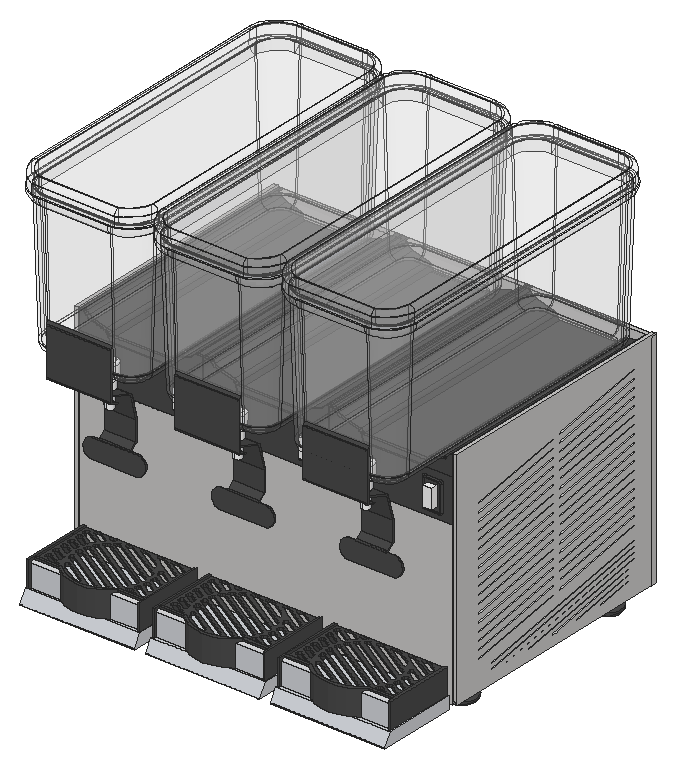
Revit family "QF_Vollrath-VBBD3-37T", category Specialty Equipment, Revit 2018
Family settings
  Round Connector Dimension = Use Diameter
  Part Type = Normal
  Work Plane-Based = No
  Always vertical = Yes
  Cut with Voids When Loaded = Yes
  Shared = No
  Room Calculation Point = No
Parameters (values of type "VBBD3-37-F")
  Weight in Pounds = 75
  Watts = 0 W
  Volts = 115 V
  Undercounter Visibility [instance] = no
  Serial Number [instance] = ""
  Refrigerant Type = "R404a"
  Phase = 1
  Model = "VBBD3-37-F"
  Manufacturer = "Vollrath"
  Keynote = ""
  Item Number [instance] = ""
  Installed By = ""
  Foodservice Equipment Identifier = yes
  HP = "-"
  Furnished By = ""
  FL Amps = 7.2 A
  Electrical Routing [instance] = ""
  Electrical Remarks [instance] = ""
  Electrical Final Connections = ""
  Electric Connection Type = ""
  Elec Conn RI Height = 0"
  Description = "3.17 Gallon Refrigerated Beverage Dispenser"
  Cycle = 60 Hz
  Cost = 0
  Conn Plug = "NEMA 5-15P"
  CSI MasterFormat = ""
  BTUH = 5719.0 Btu/h
  Apparent Power = 0 VA
  Above Counter Visibility [instance] = no
Reference planes (in)
  plane 1 "Unit_Center (F/B)": y = 0
  plane 2: z = 0
  plane 3 "Center of Unit 1 Drip Tray": x = 0
  plane 4 "Right": x = 23.8325
  plane 5 "Left": x = -3.6675
  plane 6 "Rear": y = 10.7576
  plane 7 "Front": y = -7.75
  plane 8 "Top": z = 23.90625
  plane 9 "Base Cabinet Front": y = -3.27362
  plane 10 "Cabinet Base": z = 0.37402
  plane 11 "Top of Cabinet": z = 12.97075
  plane 12 "Top Trim": z = 14.07311
  plane 13 "Clearance Left": x = -9.675
  plane 14 "Clearance Right": x = 17.83125
  plane 15 "Clearance Rear": y = 16.875
  plane 16 "Center of Unit": x = 3.55212
Forms (in)
  Sweep 1, solid, material "QF_Finishes-Clear Plastic"
    path origin (-0.15625, 3.74664, -1.59015) x (1, 0, 0) y (0, 1, 0)
      loop
        line (-2.2551, -11.10622) -> (2.2551, -11.10622)
        arc (2.2551, -11.10622) -> (2.85564, -10.64462) -> (3.17382, -9.95724) r 1.58698
        line (3.17382, -9.95724) -> (3.17382, 5.36453)
        arc (3.17382, 5.36453) -> (2.71278, 6.17327) -> (1.84782, 6.51746) r 1.40778
        line (1.84782, 6.51746) -> (-1.84782, 6.51746)
        arc (-1.84782, 6.51746) -> (-2.71161, 6.17429) -> (-3.17326, 5.36758) r 1.40778
        line (-3.17326, 5.36758) -> (-3.17326, -9.96011)
        arc (-3.17326, -9.96011) -> (-2.85472, -10.64576) -> (-2.2551, -11.10622) r 1.58698
    profile origin (-0.15625, -7.35958, -1.59015) x (0, 1, 0) y (0, 0, 1)
      loop
        line (-0.39475, 22.88102) -> (-0.01824, 22.88102) -> (-0.01824, 23.6765)
        arc (-0.01824, 23.6765) -> (-0.26993, 23.6729) -> (-0.39475, 23.45431) r 0.25381
        line (-0.39475, 23.45431) -> (-0.39475, 22.88102)
  Extrusion 2, solid, material "QF_Finishes-Clear Plastic"
    sketch origin (-0.15625, 3.7403, -2.36291) x (1, 0, 0) y (0, 1, 0)
      loop
        line (-2.15049, -11.11812) -> (2.25892, -11.11812)
        arc (2.25892, -11.11812) -> (2.86473, -10.65608) -> (3.18926, -9.96676) r 1.60522
        line (3.18926, -9.96676) -> (3.18926, 5.42563)
        arc (3.18926, 5.42563) -> (2.86227, 6.21505) -> (2.07284, 6.54204) r 1.11642
        line (2.07284, 6.54204) -> (-2.09748, 6.54204)
        arc (-2.09748, 6.54204) -> (-2.80722, 6.28665) -> (-3.1915, 5.63759) r 1.11388
        line (-3.1915, 5.63759) -> (-3.1915, -9.95554)
        arc (-3.1915, -9.95554) -> (-2.83451, -10.68325) -> (-2.15049, -11.11812) r 1.49663
    from 24.42674 to 24.46291
  Extrusion 3, solid, material "QF_Finishes-Stainless"
    sketch origin (0, 0, 0) x (0, 1, 0) y (0, 0, 1)
      loop
        line (10.7576, 0.80737) -> (10.7576, 13.35433) -> (-3.27362, 13.35433) -> (-3.27362, 0.80737)
        arc (-3.27362, 0.80737) -> (-3.24768, 0.74473) -> (-3.18504, 0.71878) r 0.08858
        line (-3.18504, 0.71878) -> (10.66901, 0.71878)
        arc (10.66901, 0.71878) -> (10.73165, 0.74473) -> (10.7576, 0.80737) r 0.08858
      loop
        line (8.85098, 1.60553) -> (8.83902, 1.67336)
        arc (8.83902, 1.67336) -> (8.80299, 1.6853) -> (8.76503, 1.68493) r 0.11572
        line (8.76503, 1.68493) -> (6.88486, 1.3534)
        arc (6.88486, 1.3534) -> (6.84907, 1.34077) -> (6.81928, 1.31723) r 0.11572
        line (6.81928, 1.31723) -> (6.83124, 1.2494) -> (8.85098, 1.60553)
      loop
        line (8.85098, 1.90536) -> (8.83902, 1.97319)
        arc (8.83902, 1.97319) -> (8.80299, 1.98513) -> (8.76503, 1.98476) r 0.11572
        line (8.76503, 1.98476) -> (5.18444, 1.3534)
        arc (5.18444, 1.3534) -> (5.14864, 1.34077) -> (5.11886, 1.31723) r 0.11572
        line (5.11886, 1.31723) -> (5.13082, 1.2494) -> (8.85098, 1.90536)
      loop
        line (8.85098, 2.20519) -> (8.83902, 2.27302)
        arc (8.83902, 2.27302) -> (8.80299, 2.28496) -> (8.76503, 2.28459) r 0.11572
        line (8.76503, 2.28459) -> (3.48402, 1.3534)
        arc (3.48402, 1.3534) -> (3.44822, 1.34077) -> (3.41843, 1.31723) r 0.11572
        line (3.41843, 1.31723) -> (3.43039, 1.2494) -> (8.85098, 2.20519)
      loop
        line (9.32147, 2.58798) -> (9.30942, 2.65631)
        arc (9.30942, 2.65631) -> (9.27338, 2.66825) -> (9.23542, 2.66788) r 0.11572
        line (9.23542, 2.66788) -> (1.7835, 1.3539)
        arc (1.7835, 1.3539) -> (1.7477, 1.34127) -> (1.71792, 1.31773) r 0.11572
        line (1.71792, 1.31773) -> (1.72997, 1.2494) -> (9.32147, 2.58798)
      loop
        line (9.32147, 2.88782) -> (9.30942, 2.95614)
        arc (9.30942, 2.95614) -> (9.27338, 2.96808) -> (9.23542, 2.96771) r 0.11572
        line (9.23542, 2.96771) -> (0.08308, 1.3539)
        arc (0.08308, 1.3539) -> (0.04728, 1.34127) -> (0.0175, 1.31773) r 0.11572
        line (0.0175, 1.31773) -> (0.02955, 1.2494) -> (9.32147, 2.88782)
      loop
        line (9.32147, 3.18765) -> (9.30942, 3.25598)
        arc (9.30942, 3.25598) -> (9.27338, 3.26791) -> (9.23542, 3.26754) r 0.11572
        line (9.23542, 3.26754) -> (-0.80278, 1.49753)
        arc (-0.80278, 1.49753) -> (-0.83858, 1.4849) -> (-0.86836, 1.46136) r 0.11572
        line (-0.86836, 1.46136) -> (-0.85632, 1.39303) -> (9.32147, 3.18765)
      loop
        line (9.32147, 3.48748) -> (9.30942, 3.55581)
        arc (9.30942, 3.55581) -> (9.27338, 3.56774) -> (9.23542, 3.56737) r 0.11572
        line (9.23542, 3.56737) -> (-0.80278, 1.79736)
        arc (-0.80278, 1.79736) -> (-0.83858, 1.78473) -> (-0.86836, 1.76119) r 0.11572
        line (-0.86836, 1.76119) -> (-0.85632, 1.69286) -> (9.32147, 3.48748)
      loop
        line (9.32185, 4.22424) -> (9.30129, 4.34083)
        arc (9.30129, 4.34083) -> (9.26526, 4.35276) -> (9.22729, 4.35239) r 0.11572
        line (9.22729, 4.35239) -> (4.01542, 3.4334)
        arc (4.01542, 3.4334) -> (3.97963, 3.42076) -> (3.94984, 3.39722) r 0.11572
        line (3.94984, 3.39722) -> (3.9704, 3.28063) -> (9.32185, 4.22424)
      loop
        line (3.58682, 3.213) -> (3.56626, 3.32958)
        arc (3.56626, 3.32958) -> (3.53022, 3.34152) -> (3.49226, 3.34115) r 0.11572
        line (3.49226, 3.34115) -> (-1.71961, 2.42215)
        arc (-1.71961, 2.42215) -> (-1.75541, 2.40952) -> (-1.78519, 2.38598) r 0.11572
        line (-1.78519, 2.38598) -> (-1.76463, 2.26939) -> (3.58682, 3.213)
      loop
        line (9.32185, 4.68766) -> (9.30129, 4.80425)
        arc (9.30129, 4.80425) -> (9.26526, 4.81619) -> (9.22729, 4.81581) r 0.11572
        line (9.22729, 4.81581) -> (4.01542, 3.89682)
        arc (4.01542, 3.89682) -> (3.97963, 3.88419) -> (3.94984, 3.86065) r 0.11572
        line (3.94984, 3.86065) -> (3.9704, 3.74406) -> (9.32185, 4.68766)
      loop
        line (3.58682, 3.67642) -> (3.56626, 3.79301)
        arc (3.56626, 3.79301) -> (3.53022, 3.80494) -> (3.49226, 3.80457) r 0.11572
        line (3.49226, 3.80457) -> (-1.71961, 2.88558)
        arc (-1.71961, 2.88558) -> (-1.75541, 2.87294) -> (-1.78519, 2.8494) r 0.11572
        line (-1.78519, 2.8494) -> (-1.76463, 2.73282) -> (3.58682, 3.67642)
      loop
        line (9.32185, 5.15109) -> (9.30129, 5.26768)
        arc (9.30129, 5.26768) -> (9.26526, 5.27961) -> (9.22729, 5.27924) r 0.11572
        line (9.22729, 5.27924) -> (4.01542, 4.36025)
        arc (4.01542, 4.36025) -> (3.97963, 4.34761) -> (3.94984, 4.32407) r 0.11572
        line (3.94984, 4.32407) -> (3.9704, 4.20748) -> (9.32185, 5.15109)
      loop
        line (3.58682, 4.13985) -> (3.56626, 4.25644)
        arc (3.56626, 4.25644) -> (3.53022, 4.26837) -> (3.49226, 4.268) r 0.11572
        line (3.49226, 4.268) -> (-1.71961, 3.34901)
        arc (-1.71961, 3.34901) -> (-1.75541, 3.33637) -> (-1.78519, 3.31283) r 0.11572
        line (-1.78519, 3.31283) -> (-1.76463, 3.19624) -> (3.58682, 4.13985)
      loop
        line (9.32185, 5.61451) -> (9.30129, 5.7311)
        arc (9.30129, 5.7311) -> (9.26526, 5.74304) -> (9.22729, 5.74267) r 0.11572
        line (9.22729, 5.74267) -> (4.01542, 4.82367)
        arc (4.01542, 4.82367) -> (3.97963, 4.81104) -> (3.94984, 4.7875) r 0.11572
        line (3.94984, 4.7875) -> (3.9704, 4.67091) -> (9.32185, 5.61451)
      loop
        line (3.58682, 4.60327) -> (3.56626, 4.71986)
        arc (3.56626, 4.71986) -> (3.53022, 4.73179) -> (3.49226, 4.73142) r 0.11572
        line (3.49226, 4.73142) -> (-1.71961, 3.81243)
        arc (-1.71961, 3.81243) -> (-1.75541, 3.7998) -> (-1.78519, 3.77626) r 0.11572
        line (-1.78519, 3.77626) -> (-1.76463, 3.65967) -> (3.58682, 4.60327)
      loop
        line (9.32185, 6.07794) -> (9.30129, 6.19453)
        arc (9.30129, 6.19453) -> (9.26526, 6.20646) -> (9.22729, 6.20609) r 0.11572
        line (9.22729, 6.20609) -> (4.01542, 5.2871)
        arc (4.01542, 5.2871) -> (3.97963, 5.27446) -> (3.94984, 5.25092) r 0.11572
        line (3.94984, 5.25092) -> (3.9704, 5.13434) -> (9.32185, 6.07794)
      loop
        line (3.58682, 5.0667) -> (3.56626, 5.18329)
        arc (3.56626, 5.18329) -> (3.53022, 5.19522) -> (3.49226, 5.19485) r 0.11572
        line (3.49226, 5.19485) -> (-1.71961, 4.27586)
        arc (-1.71961, 4.27586) -> (-1.75541, 4.26322) -> (-1.78519, 4.23968) r 0.11572
        line (-1.78519, 4.23968) -> (-1.76463, 4.12309) -> (3.58682, 5.0667)
      loop
        line (9.32185, 6.54137) -> (9.30129, 6.65795)
        arc (9.30129, 6.65795) -> (9.26526, 6.66989) -> (9.22729, 6.66952) r 0.11572
        line (9.22729, 6.66952) -> (4.01542, 5.75052)
        arc (4.01542, 5.75052) -> (3.97963, 5.73789) -> (3.94984, 5.71435) r 0.11572
        line (3.94984, 5.71435) -> (3.9704, 5.59776) -> (9.32185, 6.54137)
      loop
        line (3.58682, 5.53012) -> (3.56626, 5.64671)
        arc (3.56626, 5.64671) -> (3.53022, 5.65864) -> (3.49226, 5.65827) r 0.11572
        line (3.49226, 5.65827) -> (-1.71961, 4.73928)
        arc (-1.71961, 4.73928) -> (-1.75541, 4.72665) -> (-1.78519, 4.70311) r 0.11572
        line (-1.78519, 4.70311) -> (-1.76463, 4.58652) -> (3.58682, 5.53012)
      loop
        line (9.32185, 7.00479) -> (9.30129, 7.12138)
        arc (9.30129, 7.12138) -> (9.26526, 7.13331) -> (9.22729, 7.13294) r 0.11572
        line (9.22729, 7.13294) -> (4.01542, 6.21395)
        arc (4.01542, 6.21395) -> (3.97963, 6.20131) -> (3.94984, 6.17777) r 0.11572
        line (3.94984, 6.17777) -> (3.9704, 6.06119) -> (9.32185, 7.00479)
      loop
        line (3.58682, 5.99355) -> (3.56626, 6.11014)
        arc (3.56626, 6.11014) -> (3.53022, 6.12207) -> (3.49226, 6.1217) r 0.11572
        line (3.49226, 6.1217) -> (-1.71961, 5.20271)
        arc (-1.71961, 5.20271) -> (-1.75541, 5.19007) -> (-1.78519, 5.16653) r 0.11572
        line (-1.78519, 5.16653) -> (-1.76463, 5.04994) -> (3.58682, 5.99355)
      loop
        line (9.32185, 7.46822) -> (9.30129, 7.5848)
        arc (9.30129, 7.5848) -> (9.26526, 7.59674) -> (9.22729, 7.59637) r 0.11572
        line (9.22729, 7.59637) -> (4.01542, 6.67737)
        arc (4.01542, 6.67737) -> (3.97963, 6.66474) -> (3.94984, 6.6412) r 0.11572
        line (3.94984, 6.6412) -> (3.9704, 6.52461) -> (9.32185, 7.46822)
      loop
        line (3.58682, 6.45697) -> (3.56626, 6.57356)
        arc (3.56626, 6.57356) -> (3.53022, 6.5855) -> (3.49226, 6.58512) r 0.11572
        line (3.49226, 6.58512) -> (-1.71961, 5.66613)
        arc (-1.71961, 5.66613) -> (-1.75541, 5.6535) -> (-1.78519, 5.62996) r 0.11572
        line (-1.78519, 5.62996) -> (-1.76463, 5.51337) -> (3.58682, 6.45697)
      loop
        line (9.32185, 7.93164) -> (9.30129, 8.04823)
        arc (9.30129, 8.04823) -> (9.26526, 8.06016) -> (9.22729, 8.05979) r 0.11572
        line (9.22729, 8.05979) -> (4.01542, 7.1408)
        arc (4.01542, 7.1408) -> (3.97963, 7.12816) -> (3.94984, 7.10462) r 0.11572
        line (3.94984, 7.10462) -> (3.9704, 6.98804) -> (9.32185, 7.93164)
      loop
        line (3.58682, 6.9204) -> (3.56626, 7.03699)
        arc (3.56626, 7.03699) -> (3.53022, 7.04892) -> (3.49226, 7.04855) r 0.11572
        line (3.49226, 7.04855) -> (-1.71961, 6.12956)
        arc (-1.71961, 6.12956) -> (-1.75541, 6.11692) -> (-1.78519, 6.09338) r 0.11572
        line (-1.78519, 6.09338) -> (-1.76463, 5.97679) -> (3.58682, 6.9204)
      loop
        line (9.32185, 8.39507) -> (9.30129, 8.51165)
        arc (9.30129, 8.51165) -> (9.26526, 8.52359) -> (9.22729, 8.52322) r 0.11572
        line (9.22729, 8.52322) -> (4.01542, 7.60422)
        arc (4.01542, 7.60422) -> (3.97963, 7.59159) -> (3.94984, 7.56805) r 0.11572
        line (3.94984, 7.56805) -> (3.9704, 7.45146) -> (9.32185, 8.39507)
      loop
        line (3.58682, 7.38382) -> (3.56626, 7.50041)
        arc (3.56626, 7.50041) -> (3.53022, 7.51235) -> (3.49226, 7.51198) r 0.11572
        line (3.49226, 7.51198) -> (-1.71961, 6.59298)
        arc (-1.71961, 6.59298) -> (-1.75541, 6.58035) -> (-1.78519, 6.55681) r 0.11572
        line (-1.78519, 6.55681) -> (-1.76463, 6.44022) -> (3.58682, 7.38382)
      loop
        line (9.32185, 8.85849) -> (9.30129, 8.97508)
        arc (9.30129, 8.97508) -> (9.26526, 8.98701) -> (9.22729, 8.98664) r 0.11572
        line (9.22729, 8.98664) -> (4.01542, 8.06765)
        arc (4.01542, 8.06765) -> (3.97963, 8.05501) -> (3.94984, 8.03147) r 0.11572
        line (3.94984, 8.03147) -> (3.9704, 7.91489) -> (9.32185, 8.85849)
      loop
        line (3.58682, 7.84725) -> (3.56626, 7.96384)
        arc (3.56626, 7.96384) -> (3.53022, 7.97577) -> (3.49226, 7.9754) r 0.11572
        line (3.49226, 7.9754) -> (-1.71961, 7.05641)
        arc (-1.71961, 7.05641) -> (-1.75541, 7.04377) -> (-1.78519, 7.02023) r 0.11572
        line (-1.78519, 7.02023) -> (-1.76463, 6.90364) -> (3.58682, 7.84725)
      loop
        line (9.32185, 9.32192) -> (9.30129, 9.4385)
        arc (9.30129, 9.4385) -> (9.26526, 9.45044) -> (9.22729, 9.45007) r 0.11572
        line (9.22729, 9.45007) -> (4.01542, 8.53107)
        arc (4.01542, 8.53107) -> (3.97963, 8.51844) -> (3.94984, 8.4949) r 0.11572
        line (3.94984, 8.4949) -> (3.9704, 8.37831) -> (9.32185, 9.32192)
      loop
        line (3.58682, 8.31068) -> (3.56626, 8.42726)
        arc (3.56626, 8.42726) -> (3.53022, 8.4392) -> (3.49226, 8.43883) r 0.11572
        line (3.49226, 8.43883) -> (-1.71961, 7.51983)
        arc (-1.71961, 7.51983) -> (-1.75541, 7.5072) -> (-1.78519, 7.48366) r 0.11572
        line (-1.78519, 7.48366) -> (-1.76463, 7.36707) -> (3.58682, 8.31068)
      loop
        line (9.32185, 9.78534) -> (9.30129, 9.90193)
        arc (9.30129, 9.90193) -> (9.26526, 9.91386) -> (9.22729, 9.91349) r 0.11572
        line (9.22729, 9.91349) -> (4.01542, 8.9945)
        arc (4.01542, 8.9945) -> (3.97963, 8.98186) -> (3.94984, 8.95832) r 0.11572
        line (3.94984, 8.95832) -> (3.9704, 8.84174) -> (9.32185, 9.78534)
      loop
        line (3.58682, 8.7741) -> (3.56626, 8.89069)
        arc (3.56626, 8.89069) -> (3.53022, 8.90262) -> (3.49226, 8.90225) r 0.11572
        line (3.49226, 8.90225) -> (-1.71961, 7.98326)
        arc (-1.71961, 7.98326) -> (-1.75541, 7.97062) -> (-1.78519, 7.94708) r 0.11572
        line (-1.78519, 7.94708) -> (-1.76463, 7.8305) -> (3.58682, 8.7741)
      loop
        line (9.32185, 10.24877) -> (9.30129, 10.36535)
        arc (9.30129, 10.36535) -> (9.26526, 10.37729) -> (9.22729, 10.37692) r 0.11572
        line (9.22729, 10.37692) -> (4.01542, 9.45792)
        arc (4.01542, 9.45792) -> (3.97963, 9.44529) -> (3.94984, 9.42175) r 0.11572
        line (3.94984, 9.42175) -> (3.9704, 9.30516) -> (9.32185, 10.24877)
      loop
        line (3.58682, 9.23753) -> (3.56626, 9.35411)
        arc (3.56626, 9.35411) -> (3.53022, 9.36605) -> (3.49226, 9.36568) r 0.11572
        line (3.49226, 9.36568) -> (-1.71961, 8.44668)
        arc (-1.71961, 8.44668) -> (-1.75541, 8.43405) -> (-1.78519, 8.41051) r 0.11572
        line (-1.78519, 8.41051) -> (-1.76463, 8.29392) -> (3.58682, 9.23753)
      loop
        line (9.32185, 10.71219) -> (9.30129, 10.82878)
        arc (9.30129, 10.82878) -> (9.26526, 10.84071) -> (9.22729, 10.84034) r 0.11572
        line (9.22729, 10.84034) -> (4.01542, 9.92135)
        arc (4.01542, 9.92135) -> (3.97963, 9.90871) -> (3.94984, 9.88517) r 0.11572
        line (3.94984, 9.88517) -> (3.9704, 9.76859) -> (9.32185, 10.71219)
      loop
        line (3.58682, 9.70095) -> (3.56626, 9.81754)
        arc (3.56626, 9.81754) -> (3.53022, 9.82947) -> (3.49226, 9.8291) r 0.11572
        line (3.49226, 9.8291) -> (-1.71961, 8.91011)
        arc (-1.71961, 8.91011) -> (-1.75541, 8.89747) -> (-1.78519, 8.87393) r 0.11572
        line (-1.78519, 8.87393) -> (-1.76463, 8.75735) -> (3.58682, 9.70095)
      loop
        line (9.32185, 11.17562) -> (9.30129, 11.2922)
        arc (9.30129, 11.2922) -> (9.26526, 11.30414) -> (9.22729, 11.30377) r 0.11572
        line (9.22729, 11.30377) -> (4.01542, 10.38477)
        arc (4.01542, 10.38477) -> (3.97963, 10.37214) -> (3.94984, 10.3486) r 0.11572
        line (3.94984, 10.3486) -> (3.9704, 10.23201) -> (9.32185, 11.17562)
      loop
        line (3.58682, 10.16438) -> (3.56626, 10.28096)
        arc (3.56626, 10.28096) -> (3.53022, 10.2929) -> (3.49226, 10.29253) r 0.11572
        line (3.49226, 10.29253) -> (-1.71961, 9.37353)
        arc (-1.71961, 9.37353) -> (-1.75541, 9.3609) -> (-1.78519, 9.33736) r 0.11572
        line (-1.78519, 9.33736) -> (-1.76463, 9.22077) -> (3.58682, 10.16438)
      loop
        line (9.32185, 11.63904) -> (9.30129, 11.75563)
        arc (9.30129, 11.75563) -> (9.26526, 11.76756) -> (9.22729, 11.76719) r 0.11572
        line (9.22729, 11.76719) -> (4.01542, 10.8482)
        arc (4.01542, 10.8482) -> (3.97963, 10.83556) -> (3.94984, 10.81202) r 0.11572
        line (3.94984, 10.81202) -> (3.9704, 10.69544) -> (9.32185, 11.63904)
      loop
        line (3.58682, 10.6278) -> (3.56626, 10.74439)
        arc (3.56626, 10.74439) -> (3.53022, 10.75632) -> (3.49226, 10.75595) r 0.11572
        line (3.49226, 10.75595) -> (-1.71961, 9.83696)
        arc (-1.71961, 9.83696) -> (-1.75541, 9.82432) -> (-1.78519, 9.80078) r 0.11572
        line (-1.78519, 9.80078) -> (-1.76463, 9.6842) -> (3.58682, 10.6278)
      loop
        line (9.32185, 12.10307) -> (9.30129, 12.21966)
        arc (9.30129, 12.21966) -> (9.26526, 12.23159) -> (9.22729, 12.23122) r 0.11572
        line (9.22729, 12.23122) -> (4.01542, 11.31223)
        arc (4.01542, 11.31223) -> (3.97963, 11.29959) -> (3.94984, 11.27605) r 0.11572
        line (3.94984, 11.27605) -> (3.9704, 11.15947) -> (9.32185, 12.10307)
      loop
        line (3.58682, 11.09183) -> (3.56626, 11.20842)
        arc (3.56626, 11.20842) -> (3.53022, 11.22035) -> (3.49226, 11.21998) r 0.11572
        line (3.49226, 11.21998) -> (-1.71961, 10.30099)
        arc (-1.71961, 10.30099) -> (-1.75541, 10.28835) -> (-1.78519, 10.26481) r 0.11572
        line (-1.78519, 10.26481) -> (-1.76463, 10.14822) -> (3.58682, 11.09183)
    from -3.6675 to -3.46457
  Extrusion 4, solid, material "QF_Finishes-Black Plastic"
    sketch origin (0, 0, 0) x (1, 0, 0) y (0, 0, 1)
      loop
        line (-3.55, 9.73814) -> (3.55, 9.73814) -> (3.55, 13.26725) -> (3.22835, 13.26725)
        arc (3.22835, 13.26725) -> (3.13884, 13.24576) -> (3.06885, 13.18598) r 0.19715
        arc (3.06885, 13.18598) -> (3.03916, 13.13968) -> (3.00315, 13.0981) r 0.3838
        arc (3.00315, 13.0981) -> (2.87095, 12.99666) -> (2.717, 12.93289) r 0.63833
        line (2.717, 12.93289) -> (1.86181, 12.70374)
        arc (1.86181, 12.70374) -> (1.74573, 12.63647) -> (1.67922, 12.51995) r 0.2576
        line (1.67922, 12.51995) -> (-1.67922, 12.51995)
        arc (-1.67922, 12.51995) -> (-1.74573, 12.63647) -> (-1.86181, 12.70374) r 0.2576
        line (-1.86181, 12.70374) -> (-2.717, 12.93289)
        arc (-2.717, 12.93289) -> (-2.87095, 12.99666) -> (-3.00315, 13.0981) r 0.63833
        arc (-3.00315, 13.0981) -> (-3.03916, 13.13968) -> (-3.06885, 13.18598) r 0.3838
        arc (-3.06885, 13.18598) -> (-3.13884, 13.24576) -> (-3.22835, 13.26725) r 0.19715
        line (-3.22835, 13.26725) -> (-3.55, 13.26725) -> (-3.55, 9.73814)
    from 3.12402 to 3.27362
  Extrusion 5, solid, material "QF_Finishes-Stainless"
    sketch origin (0, 0, 0) x (1, 0, 0) y (0, 0, 1)
      loop
        line (-3.46457, 0.68898) -> (17.62832, 0.68898) -> (17.62832, 9.73814) -> (-3.46457, 9.73814) -> (-3.46457, 0.68898)
    from 3.12402 to 3.27362
  Extrusion 6, solid, material "QF_Finishes-Stainless"
    sketch origin (0, 0, 0) x (1, 0, 0) y (0, 0, 1)
      loop
        line (-3.6675, 0.71878) -> (17.83125, 0.71878) -> (17.83125, 13.26725) -> (-3.6675, 13.26725) -> (-3.6675, 0.71878)
      loop
        line (2.75362, 2.08631) -> (2.75362, 2.13404) -> (2.63501, 2.23715)
        arc (2.63501, 2.23715) -> (2.60199, 2.25254) -> (2.56595, 2.25782) r 0.12567
        line (2.56595, 2.25782) -> (-2.37374, 2.25782)
        arc (-2.37374, 2.25782) -> (-2.40979, 2.25254) -> (-2.44281, 2.23715) r 0.12567
        line (-2.44281, 2.23715) -> (-2.56142, 2.13404) -> (-2.56142, 2.08631) -> (2.75362, 2.08631)
      loop
        line (2.75362, 2.46032) -> (2.75362, 2.50806) -> (2.63501, 2.61116)
        arc (2.63501, 2.61116) -> (2.60199, 2.62656) -> (2.56595, 2.63184) r 0.12567
        line (2.56595, 2.63184) -> (-2.37374, 2.63184)
        arc (-2.37374, 2.63184) -> (-2.40979, 2.62656) -> (-2.44281, 2.61116) r 0.12567
        line (-2.44281, 2.61116) -> (-2.56142, 2.50806) -> (-2.56142, 2.46032) -> (2.75362, 2.46032)
      loop
        line (2.75362, 2.83434) -> (2.75362, 2.88207) -> (2.63501, 2.98518)
        arc (2.63501, 2.98518) -> (2.60199, 3.00058) -> (2.56595, 3.00586) r 0.12567
        line (2.56595, 3.00586) -> (-2.37374, 3.00586)
        arc (-2.37374, 3.00586) -> (-2.40979, 3.00058) -> (-2.44281, 2.98518) r 0.12567
        line (-2.44281, 2.98518) -> (-2.56142, 2.88207) -> (-2.56142, 2.83434) -> (2.75362, 2.83434)
      loop
        line (2.75362, 3.20835) -> (2.75362, 3.25609) -> (2.63501, 3.35919)
        arc (2.63501, 3.35919) -> (2.60199, 3.37459) -> (2.56595, 3.37987) r 0.12567
        line (2.56595, 3.37987) -> (-2.37374, 3.37987)
        arc (-2.37374, 3.37987) -> (-2.40979, 3.37459) -> (-2.44281, 3.35919) r 0.12567
        line (-2.44281, 3.35919) -> (-2.56142, 3.25609) -> (-2.56142, 3.20835) -> (2.75362, 3.20835)
      loop
        line (2.75362, 3.58237) -> (2.75362, 3.6301) -> (2.63501, 3.73321)
        arc (2.63501, 3.73321) -> (2.60199, 3.74861) -> (2.56595, 3.75389) r 0.12567
        line (2.56595, 3.75389) -> (-2.37374, 3.75389)
        arc (-2.37374, 3.75389) -> (-2.40979, 3.74861) -> (-2.44281, 3.73321) r 0.12567
        line (-2.44281, 3.73321) -> (-2.56142, 3.6301) -> (-2.56142, 3.58237) -> (2.75362, 3.58237)
      loop
        line (2.75362, 3.95639) -> (2.75362, 4.00412) -> (2.63501, 4.10722)
        arc (2.63501, 4.10722) -> (2.60199, 4.12262) -> (2.56595, 4.1279) r 0.12567
        line (2.56595, 4.1279) -> (-2.37374, 4.1279)
        arc (-2.37374, 4.1279) -> (-2.40979, 4.12262) -> (-2.44281, 4.10722) r 0.12567
        line (-2.44281, 4.10722) -> (-2.56142, 4.00412) -> (-2.56142, 3.95639) -> (2.75362, 3.95639)
      loop
        line (2.75362, 4.3304) -> (2.75362, 4.37813) -> (2.63501, 4.48124)
        arc (2.63501, 4.48124) -> (2.60199, 4.49664) -> (2.56595, 4.50192) r 0.12567
        line (2.56595, 4.50192) -> (-2.37374, 4.50192)
        arc (-2.37374, 4.50192) -> (-2.40979, 4.49664) -> (-2.44281, 4.48124) r 0.12567
        line (-2.44281, 4.48124) -> (-2.56142, 4.37813) -> (-2.56142, 4.3304) -> (2.75362, 4.3304)
      loop
        line (2.75362, 4.70442) -> (2.75362, 4.75215) -> (2.63501, 4.85526)
        arc (2.63501, 4.85526) -> (2.60199, 4.87065) -> (2.56595, 4.87594) r 0.12567
        line (2.56595, 4.87594) -> (-2.37374, 4.87594)
        arc (-2.37374, 4.87594) -> (-2.40979, 4.87065) -> (-2.44281, 4.85526) r 0.12567
        line (-2.44281, 4.85526) -> (-2.56142, 4.75215) -> (-2.56142, 4.70442) -> (2.75362, 4.70442)
      loop
        line (2.75362, 5.07843) -> (2.75362, 5.12617) -> (2.63501, 5.22927)
        arc (2.63501, 5.22927) -> (2.60199, 5.24467) -> (2.56595, 5.24995) r 0.12567
        line (2.56595, 5.24995) -> (-2.37374, 5.24995)
        arc (-2.37374, 5.24995) -> (-2.40979, 5.24467) -> (-2.44281, 5.22927) r 0.12567
        line (-2.44281, 5.22927) -> (-2.56142, 5.12617) -> (-2.56142, 5.07843) -> (2.75362, 5.07843)
      loop
        line (2.75362, 5.45245) -> (2.75362, 5.50018) -> (2.63501, 5.60329)
        arc (2.63501, 5.60329) -> (2.60199, 5.61869) -> (2.56595, 5.62397) r 0.12567
        line (2.56595, 5.62397) -> (-2.37374, 5.62397)
        arc (-2.37374, 5.62397) -> (-2.40979, 5.61869) -> (-2.44281, 5.60329) r 0.12567
        line (-2.44281, 5.60329) -> (-2.56142, 5.50018) -> (-2.56142, 5.45245) -> (2.75362, 5.45245)
      loop
        line (2.75362, 5.82646) -> (2.75362, 5.8742) -> (2.63501, 5.9773)
        arc (2.63501, 5.9773) -> (2.60199, 5.9927) -> (2.56595, 5.99798) r 0.12567
        line (2.56595, 5.99798) -> (-2.37374, 5.99798)
        arc (-2.37374, 5.99798) -> (-2.40979, 5.9927) -> (-2.44281, 5.9773) r 0.12567
        line (-2.44281, 5.9773) -> (-2.56142, 5.8742) -> (-2.56142, 5.82646) -> (2.75362, 5.82646)
      loop
        line (2.75362, 6.20048) -> (2.75362, 6.24821) -> (2.63501, 6.35132)
        arc (2.63501, 6.35132) -> (2.60199, 6.36672) -> (2.56595, 6.372) r 0.12567
        line (2.56595, 6.372) -> (-2.37374, 6.372)
        arc (-2.37374, 6.372) -> (-2.40979, 6.36672) -> (-2.44281, 6.35132) r 0.12567
        line (-2.44281, 6.35132) -> (-2.56142, 6.24821) -> (-2.56142, 6.20048) -> (2.75362, 6.20048)
      loop
        line (2.75362, 6.5745) -> (2.75362, 6.62223) -> (2.63501, 6.72534)
        arc (2.63501, 6.72534) -> (2.60199, 6.74073) -> (2.56595, 6.74601) r 0.12567
        line (2.56595, 6.74601) -> (-2.37374, 6.74601)
        arc (-2.37374, 6.74601) -> (-2.40979, 6.74073) -> (-2.44281, 6.72534) r 0.12567
        line (-2.44281, 6.72534) -> (-2.56142, 6.62223) -> (-2.56142, 6.5745) -> (2.75362, 6.5745)
      loop
        line (2.75362, 6.94851) -> (2.75362, 6.99625) -> (2.63501, 7.09935)
        arc (2.63501, 7.09935) -> (2.60199, 7.11475) -> (2.56595, 7.12003) r 0.12567
        line (2.56595, 7.12003) -> (-2.37374, 7.12003)
        arc (-2.37374, 7.12003) -> (-2.40979, 7.11475) -> (-2.44281, 7.09935) r 0.12567
        line (-2.44281, 7.09935) -> (-2.56142, 6.99625) -> (-2.56142, 6.94851) -> (2.75362, 6.94851)
      loop
        line (2.75362, 7.32253) -> (2.75362, 7.37026) -> (2.63501, 7.47337)
        arc (2.63501, 7.47337) -> (2.60199, 7.48876) -> (2.56595, 7.49405) r 0.12567
        line (2.56595, 7.49405) -> (-2.37374, 7.49405)
        arc (-2.37374, 7.49405) -> (-2.40979, 7.48876) -> (-2.44281, 7.47337) r 0.12567
        line (-2.44281, 7.47337) -> (-2.56142, 7.37026) -> (-2.56142, 7.32253) -> (2.75362, 7.32253)
      loop
        line (2.75362, 7.69654) -> (2.75362, 7.74428) -> (2.63501, 7.84738)
        arc (2.63501, 7.84738) -> (2.60199, 7.86278) -> (2.56595, 7.86806) r 0.12567
        line (2.56595, 7.86806) -> (-2.37374, 7.86806)
        arc (-2.37374, 7.86806) -> (-2.40979, 7.86278) -> (-2.44281, 7.84738) r 0.12567
        line (-2.44281, 7.84738) -> (-2.56142, 7.74428) -> (-2.56142, 7.69654) -> (2.75362, 7.69654)
      loop
        line (2.75362, 8.07056) -> (2.75362, 8.11829) -> (2.63501, 8.2214)
        arc (2.63501, 8.2214) -> (2.60199, 8.2368) -> (2.56595, 8.24208) r 0.12567
        line (2.56595, 8.24208) -> (-2.37374, 8.24208)
        arc (-2.37374, 8.24208) -> (-2.40979, 8.2368) -> (-2.44281, 8.2214) r 0.12567
        line (-2.44281, 8.2214) -> (-2.56142, 8.11829) -> (-2.56142, 8.07056) -> (2.75362, 8.07056)
      loop
        line (2.75362, 8.44457) -> (2.75362, 8.49231) -> (2.63501, 8.59541)
        arc (2.63501, 8.59541) -> (2.60199, 8.61081) -> (2.56595, 8.61609) r 0.12567
        line (2.56595, 8.61609) -> (-2.37374, 8.61609)
        arc (-2.37374, 8.61609) -> (-2.40979, 8.61081) -> (-2.44281, 8.59541) r 0.12567
        line (-2.44281, 8.59541) -> (-2.56142, 8.49231) -> (-2.56142, 8.44457) -> (2.75362, 8.44457)
      loop
        line (2.75362, 8.81859) -> (2.75362, 8.86632) -> (2.63501, 8.96943)
        arc (2.63501, 8.96943) -> (2.60199, 8.98483) -> (2.56595, 8.99011) r 0.12567
        line (2.56595, 8.99011) -> (-2.37374, 8.99011)
        arc (-2.37374, 8.99011) -> (-2.40979, 8.98483) -> (-2.44281, 8.96943) r 0.12567
        line (-2.44281, 8.96943) -> (-2.56142, 8.86632) -> (-2.56142, 8.81859) -> (2.75362, 8.81859)
      loop
        line (2.75362, 9.19261) -> (2.75362, 9.24034) -> (2.63501, 9.34345)
        arc (2.63501, 9.34345) -> (2.60199, 9.35884) -> (2.56595, 9.36412) r 0.12567
        line (2.56595, 9.36412) -> (-2.37367, 9.36412)
        arc (-2.37367, 9.36412) -> (-2.40971, 9.35884) -> (-2.44273, 9.34345) r 0.12567
        line (-2.44273, 9.34345) -> (-2.56134, 9.24034) -> (-2.56134, 9.19261) -> (2.75362, 9.19261)
      loop
        line (2.75362, 9.56662) -> (2.75362, 9.61436) -> (2.63501, 9.71746)
        arc (2.63501, 9.71746) -> (2.60199, 9.73286) -> (2.56595, 9.73814) r 0.12567
        line (2.56595, 9.73814) -> (-2.37374, 9.73814)
        arc (-2.37374, 9.73814) -> (-2.40979, 9.73286) -> (-2.44281, 9.71746) r 0.12567
        line (-2.44281, 9.71746) -> (-2.56142, 9.61436) -> (-2.56142, 9.56662) -> (2.75362, 9.56662)
      loop
        line (2.75362, 9.94064) -> (2.75362, 9.98837) -> (2.63501, 10.09148)
        arc (2.63501, 10.09148) -> (2.60199, 10.10687) -> (2.56595, 10.11216) r 0.12567
        line (2.56595, 10.11216) -> (-2.37374, 10.11216)
        arc (-2.37374, 10.11216) -> (-2.40979, 10.10687) -> (-2.44281, 10.09148) r 0.12567
        line (-2.44281, 10.09148) -> (-2.56142, 9.98837) -> (-2.56142, 9.94064) -> (2.75362, 9.94064)
      loop
        line (2.75362, 10.31465) -> (2.75362, 10.36239) -> (2.63501, 10.46549)
        arc (2.63501, 10.46549) -> (2.60199, 10.48089) -> (2.56595, 10.48617) r 0.12567
        line (2.56595, 10.48617) -> (-2.37374, 10.48617)
        arc (-2.37374, 10.48617) -> (-2.40979, 10.48089) -> (-2.44281, 10.46549) r 0.12567
        line (-2.44281, 10.46549) -> (-2.56142, 10.36239) -> (-2.56142, 10.31465) -> (2.75362, 10.31465)
      loop
        line (2.75362, 10.68867) -> (2.75362, 10.7364) -> (2.63501, 10.83951)
        arc (2.63501, 10.83951) -> (2.60199, 10.85491) -> (2.56595, 10.86019) r 0.12567
        line (2.56595, 10.86019) -> (-2.37374, 10.86019)
        arc (-2.37374, 10.86019) -> (-2.40979, 10.85491) -> (-2.44281, 10.83951) r 0.12567
        line (-2.44281, 10.83951) -> (-2.56142, 10.7364) -> (-2.56142, 10.68867) -> (2.75362, 10.68867)
      loop
        line (2.75362, 11.06268) -> (2.75362, 11.11042) -> (2.63501, 11.21352)
        arc (2.63501, 11.21352) -> (2.60199, 11.22892) -> (2.56595, 11.2342) r 0.12567
        line (2.56595, 11.2342) -> (-2.37374, 11.2342)
        arc (-2.37374, 11.2342) -> (-2.40979, 11.22892) -> (-2.44281, 11.21352) r 0.12567
        line (-2.44281, 11.21352) -> (-2.56142, 11.11042) -> (-2.56142, 11.06268) -> (2.75362, 11.06268)
      loop
        line (2.75362, 11.4367) -> (2.75362, 11.48443) -> (2.63501, 11.58754)
        arc (2.63501, 11.58754) -> (2.60199, 11.60294) -> (2.56595, 11.60822) r 0.12567
        line (2.56595, 11.60822) -> (-2.37374, 11.60822)
        arc (-2.37374, 11.60822) -> (-2.40979, 11.60294) -> (-2.44281, 11.58754) r 0.12567
        line (-2.44281, 11.58754) -> (-2.56142, 11.48443) -> (-2.56142, 11.4367) -> (2.75362, 11.4367)
      loop
        line (2.75362, 11.81072) -> (2.75362, 11.85845) -> (2.63501, 11.96156)
        arc (2.63501, 11.96156) -> (2.60199, 11.97695) -> (2.56595, 11.98223) r 0.12567
        line (2.56595, 11.98223) -> (-2.37374, 11.98223)
        arc (-2.37374, 11.98223) -> (-2.40979, 11.97695) -> (-2.44281, 11.96156) r 0.12567
        line (-2.44281, 11.96156) -> (-2.56142, 11.85845) -> (-2.56142, 11.81072) -> (2.75362, 11.81072)
      loop
        line (2.75362, 12.18473) -> (2.75362, 12.23247) -> (2.63501, 12.33557)
        arc (2.63501, 12.33557) -> (2.60199, 12.35097) -> (2.56595, 12.35625) r 0.12567
        line (2.56595, 12.35625) -> (-2.37367, 12.35625)
        arc (-2.37367, 12.35625) -> (-2.40971, 12.35097) -> (-2.44273, 12.33557) r 0.12567
        line (-2.44273, 12.33557) -> (-2.56134, 12.23247) -> (-2.56134, 12.18473) -> (2.75362, 12.18473)
      loop
        line (4.42875, 2.08631) -> (9.74378, 2.08631) -> (9.74378, 2.13404) -> (9.62517, 2.23715)
        arc (9.62517, 2.23715) -> (9.59216, 2.25254) -> (9.55611, 2.25782) r 0.12567
        line (9.55611, 2.25782) -> (4.61642, 2.25782)
        arc (4.61642, 2.25782) -> (4.58037, 2.25254) -> (4.54736, 2.23715) r 0.12567
        line (4.54736, 2.23715) -> (4.42875, 2.13404) -> (4.42875, 2.08631)
      loop
        line (4.42875, 2.46032) -> (9.74378, 2.46032) -> (9.74378, 2.50806) -> (9.62517, 2.61116)
        arc (9.62517, 2.61116) -> (9.59216, 2.62656) -> (9.55611, 2.63184) r 0.12567
        line (9.55611, 2.63184) -> (4.61642, 2.63184)
        arc (4.61642, 2.63184) -> (4.58037, 2.62656) -> (4.54736, 2.61116) r 0.12567
        line (4.54736, 2.61116) -> (4.42875, 2.50806) -> (4.42875, 2.46032)
      loop
        line (4.42875, 2.83434) -> (9.74378, 2.83434) -> (9.74378, 2.88207) -> (9.62517, 2.98518)
        arc (9.62517, 2.98518) -> (9.59216, 3.00058) -> (9.55611, 3.00586) r 0.12567
        line (9.55611, 3.00586) -> (4.61642, 3.00586)
        arc (4.61642, 3.00586) -> (4.58037, 3.00058) -> (4.54736, 2.98518) r 0.12567
        line (4.54736, 2.98518) -> (4.42875, 2.88207) -> (4.42875, 2.83434)
      loop
        line (4.42875, 3.20835) -> (9.74378, 3.20835) -> (9.74378, 3.25609) -> (9.62517, 3.35919)
        arc (9.62517, 3.35919) -> (9.59216, 3.37459) -> (9.55611, 3.37987) r 0.12567
        line (9.55611, 3.37987) -> (4.61642, 3.37987)
        arc (4.61642, 3.37987) -> (4.58037, 3.37459) -> (4.54736, 3.35919) r 0.12567
        line (4.54736, 3.35919) -> (4.42875, 3.25609) -> (4.42875, 3.20835)
      loop
        line (4.42875, 3.58237) -> (9.74378, 3.58237) -> (9.74378, 3.6301) -> (9.62517, 3.73321)
        arc (9.62517, 3.73321) -> (9.59216, 3.74861) -> (9.55611, 3.75389) r 0.12567
        line (9.55611, 3.75389) -> (4.61642, 3.75389)
        arc (4.61642, 3.75389) -> (4.58037, 3.74861) -> (4.54736, 3.73321) r 0.12567
        line (4.54736, 3.73321) -> (4.42875, 3.6301) -> (4.42875, 3.58237)
      loop
        line (4.42875, 3.95639) -> (9.74378, 3.95639) -> (9.74378, 4.00412) -> (9.62517, 4.10722)
        arc (9.62517, 4.10722) -> (9.59216, 4.12262) -> (9.55611, 4.1279) r 0.12567
        line (9.55611, 4.1279) -> (4.61642, 4.1279)
        arc (4.61642, 4.1279) -> (4.58037, 4.12262) -> (4.54736, 4.10722) r 0.12567
        line (4.54736, 4.10722) -> (4.42875, 4.00412) -> (4.42875, 3.95639)
      loop
        line (4.42875, 4.3304) -> (9.74378, 4.3304) -> (9.74378, 4.37813) -> (9.62517, 4.48124)
        arc (9.62517, 4.48124) -> (9.59216, 4.49664) -> (9.55611, 4.50192) r 0.12567
        line (9.55611, 4.50192) -> (4.61642, 4.50192)
        arc (4.61642, 4.50192) -> (4.58037, 4.49664) -> (4.54736, 4.48124) r 0.12567
        line (4.54736, 4.48124) -> (4.42875, 4.37813) -> (4.42875, 4.3304)
      loop
        line (4.42875, 4.70442) -> (9.74378, 4.70442) -> (9.74378, 4.75215) -> (9.62517, 4.85526)
        arc (9.62517, 4.85526) -> (9.59216, 4.87065) -> (9.55611, 4.87594) r 0.12567
        line (9.55611, 4.87594) -> (4.61642, 4.87594)
        arc (4.61642, 4.87594) -> (4.58037, 4.87065) -> (4.54736, 4.85526) r 0.12567
        line (4.54736, 4.85526) -> (4.42875, 4.75215) -> (4.42875, 4.70442)
      loop
        line (4.42875, 5.07843) -> (9.74378, 5.07843) -> (9.74378, 5.12617) -> (9.62517, 5.22927)
        arc (9.62517, 5.22927) -> (9.59216, 5.24467) -> (9.55611, 5.24995) r 0.12567
        line (9.55611, 5.24995) -> (4.61642, 5.24995)
        arc (4.61642, 5.24995) -> (4.58037, 5.24467) -> (4.54736, 5.22927) r 0.12567
        line (4.54736, 5.22927) -> (4.42875, 5.12617) -> (4.42875, 5.07843)
      loop
        line (4.42875, 5.45245) -> (9.74378, 5.45245) -> (9.74378, 5.50018) -> (9.62517, 5.60329)
        arc (9.62517, 5.60329) -> (9.59216, 5.61869) -> (9.55611, 5.62397) r 0.12567
        line (9.55611, 5.62397) -> (4.61642, 5.62397)
        arc (4.61642, 5.62397) -> (4.58037, 5.61869) -> (4.54736, 5.60329) r 0.12567
        line (4.54736, 5.60329) -> (4.42875, 5.50018) -> (4.42875, 5.45245)
      loop
        line (4.42875, 5.82646) -> (9.74378, 5.82646) -> (9.74378, 5.8742) -> (9.62517, 5.9773)
        arc (9.62517, 5.9773) -> (9.59216, 5.9927) -> (9.55611, 5.99798) r 0.12567
        line (9.55611, 5.99798) -> (4.61642, 5.99798)
        arc (4.61642, 5.99798) -> (4.58037, 5.9927) -> (4.54736, 5.9773) r 0.12567
        line (4.54736, 5.9773) -> (4.42875, 5.8742) -> (4.42875, 5.82646)
      loop
        line (4.42875, 6.20048) -> (9.74378, 6.20048) -> (9.74378, 6.24821) -> (9.62517, 6.35132)
        arc (9.62517, 6.35132) -> (9.59216, 6.36672) -> (9.55611, 6.372) r 0.12567
        line (9.55611, 6.372) -> (4.61642, 6.372)
        arc (4.61642, 6.372) -> (4.58037, 6.36672) -> (4.54736, 6.35132) r 0.12567
        line (4.54736, 6.35132) -> (4.42875, 6.24821) -> (4.42875, 6.20048)
      loop
        line (4.42875, 6.5745) -> (9.74378, 6.5745) -> (9.74378, 6.62223) -> (9.62517, 6.72534)
        arc (9.62517, 6.72534) -> (9.59216, 6.74073) -> (9.55611, 6.74601) r 0.12567
        line (9.55611, 6.74601) -> (4.61642, 6.74601)
        arc (4.61642, 6.74601) -> (4.58037, 6.74073) -> (4.54736, 6.72534) r 0.12567
        line (4.54736, 6.72534) -> (4.42875, 6.62223) -> (4.42875, 6.5745)
      loop
        line (4.42875, 6.94851) -> (9.74378, 6.94851) -> (9.74378, 6.99625) -> (9.62517, 7.09935)
        arc (9.62517, 7.09935) -> (9.59216, 7.11475) -> (9.55611, 7.12003) r 0.12567
        line (9.55611, 7.12003) -> (4.61642, 7.12003)
        arc (4.61642, 7.12003) -> (4.58037, 7.11475) -> (4.54736, 7.09935) r 0.12567
        line (4.54736, 7.09935) -> (4.42875, 6.99625) -> (4.42875, 6.94851)
      loop
        line (4.42875, 7.32253) -> (9.74378, 7.32253) -> (9.74378, 7.37026) -> (9.62517, 7.47337)
        arc (9.62517, 7.47337) -> (9.59216, 7.48876) -> (9.55611, 7.49405) r 0.12567
        line (9.55611, 7.49405) -> (4.61642, 7.49405)
        arc (4.61642, 7.49405) -> (4.58037, 7.48876) -> (4.54736, 7.47337) r 0.12567
        line (4.54736, 7.47337) -> (4.42875, 7.37026) -> (4.42875, 7.32253)
      loop
        line (4.42875, 7.69654) -> (9.74378, 7.69654) -> (9.74378, 7.74428) -> (9.62517, 7.84738)
        arc (9.62517, 7.84738) -> (9.59216, 7.86278) -> (9.55611, 7.86806) r 0.12567
        line (9.55611, 7.86806) -> (4.61642, 7.86806)
        arc (4.61642, 7.86806) -> (4.58037, 7.86278) -> (4.54736, 7.84738) r 0.12567
        line (4.54736, 7.84738) -> (4.42875, 7.74428) -> (4.42875, 7.69654)
      loop
        line (4.42875, 8.07056) -> (9.74378, 8.07056) -> (9.74378, 8.11829) -> (9.62517, 8.2214)
        arc (9.62517, 8.2214) -> (9.59216, 8.2368) -> (9.55611, 8.24208) r 0.12567
        line (9.55611, 8.24208) -> (4.61642, 8.24208)
        arc (4.61642, 8.24208) -> (4.58037, 8.2368) -> (4.54736, 8.2214) r 0.12567
        line (4.54736, 8.2214) -> (4.42875, 8.11829) -> (4.42875, 8.07056)
      loop
        line (4.42875, 8.44457) -> (9.74378, 8.44457) -> (9.74378, 8.49231) -> (9.62517, 8.59541)
        arc (9.62517, 8.59541) -> (9.59216, 8.61081) -> (9.55611, 8.61609) r 0.12567
        line (9.55611, 8.61609) -> (4.61642, 8.61609)
        arc (4.61642, 8.61609) -> (4.58037, 8.61081) -> (4.54736, 8.59541) r 0.12567
        line (4.54736, 8.59541) -> (4.42875, 8.49231) -> (4.42875, 8.44457)
      loop
        line (4.42875, 8.81859) -> (9.74378, 8.81859) -> (9.74378, 8.86632) -> (9.62517, 8.96943)
        arc (9.62517, 8.96943) -> (9.59216, 8.98483) -> (9.55611, 8.99011) r 0.12567
        line (9.55611, 8.99011) -> (4.61642, 8.99011)
        arc (4.61642, 8.99011) -> (4.58037, 8.98483) -> (4.54736, 8.96943) r 0.12567
        line (4.54736, 8.96943) -> (4.42875, 8.86632) -> (4.42875, 8.81859)
      loop
        line (4.42875, 9.19261) -> (9.74371, 9.19261) -> (9.74371, 9.24034) -> (9.6251, 9.34345)
        arc (9.6251, 9.34345) -> (9.59208, 9.35884) -> (9.55603, 9.36412) r 0.12567
        line (9.55603, 9.36412) -> (4.61642, 9.36412)
        arc (4.61642, 9.36412) -> (4.58037, 9.35884) -> (4.54736, 9.34345) r 0.12567
        line (4.54736, 9.34345) -> (4.42875, 9.24034) -> (4.42875, 9.19261)
      loop
        line (4.42875, 9.56662) -> (9.74378, 9.56662) -> (9.74378, 9.61436) -> (9.62517, 9.71746)
        arc (9.62517, 9.71746) -> (9.59216, 9.73286) -> (9.55611, 9.73814) r 0.12567
        line (9.55611, 9.73814) -> (4.61642, 9.73814)
        arc (4.61642, 9.73814) -> (4.58037, 9.73286) -> (4.54736, 9.71746) r 0.12567
        line (4.54736, 9.71746) -> (4.42875, 9.61436) -> (4.42875, 9.56662)
      loop
        line (4.42875, 9.94064) -> (9.74378, 9.94064) -> (9.74378, 9.98837) -> (9.62517, 10.09148)
        arc (9.62517, 10.09148) -> (9.59216, 10.10687) -> (9.55611, 10.11216) r 0.12567
        line (9.55611, 10.11216) -> (4.61642, 10.11216)
        arc (4.61642, 10.11216) -> (4.58037, 10.10687) -> (4.54736, 10.09148) r 0.12567
        line (4.54736, 10.09148) -> (4.42875, 9.98837) -> (4.42875, 9.94064)
      loop
        line (4.42875, 10.31465) -> (9.74378, 10.31465) -> (9.74378, 10.36239) -> (9.62517, 10.46549)
        arc (9.62517, 10.46549) -> (9.59216, 10.48089) -> (9.55611, 10.48617) r 0.12567
        line (9.55611, 10.48617) -> (4.61642, 10.48617)
        arc (4.61642, 10.48617) -> (4.58037, 10.48089) -> (4.54736, 10.46549) r 0.12567
        line (4.54736, 10.46549) -> (4.42875, 10.36239) -> (4.42875, 10.31465)
      loop
        line (4.42875, 10.68867) -> (9.74378, 10.68867) -> (9.74378, 10.7364) -> (9.62517, 10.83951)
        arc (9.62517, 10.83951) -> (9.59216, 10.85491) -> (9.55611, 10.86019) r 0.12567
        line (9.55611, 10.86019) -> (4.61642, 10.86019)
        arc (4.61642, 10.86019) -> (4.58037, 10.85491) -> (4.54736, 10.83951) r 0.12567
        line (4.54736, 10.83951) -> (4.42875, 10.7364) -> (4.42875, 10.68867)
      loop
        line (4.42875, 11.06268) -> (9.74378, 11.06268) -> (9.74378, 11.11042) -> (9.62517, 11.21352)
        arc (9.62517, 11.21352) -> (9.59216, 11.22892) -> (9.55611, 11.2342) r 0.12567
        line (9.55611, 11.2342) -> (4.61642, 11.2342)
        arc (4.61642, 11.2342) -> (4.58037, 11.22892) -> (4.54736, 11.21352) r 0.12567
        line (4.54736, 11.21352) -> (4.42875, 11.11042) -> (4.42875, 11.06268)
      loop
        line (4.42875, 11.4367) -> (9.74378, 11.4367) -> (9.74378, 11.48443) -> (9.62517, 11.58754)
        arc (9.62517, 11.58754) -> (9.59216, 11.60294) -> (9.55611, 11.60822) r 0.12567
        line (9.55611, 11.60822) -> (4.61642, 11.60822)
        arc (4.61642, 11.60822) -> (4.58037, 11.60294) -> (4.54736, 11.58754) r 0.12567
        line (4.54736, 11.58754) -> (4.42875, 11.48443) -> (4.42875, 11.4367)
      loop
        line (4.42875, 11.81072) -> (9.74378, 11.81072) -> (9.74378, 11.85845) -> (9.62517, 11.96156)
        arc (9.62517, 11.96156) -> (9.59216, 11.97695) -> (9.55611, 11.98223) r 0.12567
        line (9.55611, 11.98223) -> (4.61642, 11.98223)
        arc (4.61642, 11.98223) -> (4.58037, 11.97695) -> (4.54736, 11.96156) r 0.12567
        line (4.54736, 11.96156) -> (4.42875, 11.85845) -> (4.42875, 11.81072)
      loop
        line (4.42875, 12.18473) -> (9.74371, 12.18473) -> (9.74371, 12.23247) -> (9.6251, 12.33557)
        arc (9.6251, 12.33557) -> (9.59208, 12.35097) -> (9.55603, 12.35625) r 0.12567
        line (9.55603, 12.35625) -> (4.61642, 12.35625)
        arc (4.61642, 12.35625) -> (4.58037, 12.35097) -> (4.54736, 12.33557) r 0.12567
        line (4.54736, 12.33557) -> (4.42875, 12.23247) -> (4.42875, 12.18473)
      loop
        line (11.53237, 2.08631) -> (16.84741, 2.08631) -> (16.84741, 2.13404) -> (16.7288, 2.23715)
        arc (16.7288, 2.23715) -> (16.69578, 2.25254) -> (16.65974, 2.25782) r 0.12567
        line (16.65974, 2.25782) -> (11.72005, 2.25782)
        arc (11.72005, 2.25782) -> (11.684, 2.25254) -> (11.65098, 2.23715) r 0.12567
        line (11.65098, 2.23715) -> (11.53237, 2.13404) -> (11.53237, 2.08631)
      loop
        line (11.53237, 2.46032) -> (16.84741, 2.46032) -> (16.84741, 2.50806) -> (16.7288, 2.61116)
        arc (16.7288, 2.61116) -> (16.69578, 2.62656) -> (16.65974, 2.63184) r 0.12567
        line (16.65974, 2.63184) -> (11.72005, 2.63184)
        arc (11.72005, 2.63184) -> (11.684, 2.62656) -> (11.65098, 2.61116) r 0.12567
        line (11.65098, 2.61116) -> (11.53237, 2.50806) -> (11.53237, 2.46032)
      loop
        line (11.53237, 2.83434) -> (16.84741, 2.83434) -> (16.84741, 2.88207) -> (16.7288, 2.98518)
        arc (16.7288, 2.98518) -> (16.69578, 3.00058) -> (16.65974, 3.00586) r 0.12567
        line (16.65974, 3.00586) -> (11.72005, 3.00586)
        arc (11.72005, 3.00586) -> (11.684, 3.00058) -> (11.65098, 2.98518) r 0.12567
        line (11.65098, 2.98518) -> (11.53237, 2.88207) -> (11.53237, 2.83434)
      loop
        line (11.53237, 3.20835) -> (16.84741, 3.20835) -> (16.84741, 3.25609) -> (16.7288, 3.35919)
        arc (16.7288, 3.35919) -> (16.69578, 3.37459) -> (16.65974, 3.37987) r 0.12567
        line (16.65974, 3.37987) -> (11.72005, 3.37987)
        arc (11.72005, 3.37987) -> (11.684, 3.37459) -> (11.65098, 3.35919) r 0.12567
        line (11.65098, 3.35919) -> (11.53237, 3.25609) -> (11.53237, 3.20835)
      loop
        line (11.53237, 3.58237) -> (16.84741, 3.58237) -> (16.84741, 3.6301) -> (16.7288, 3.73321)
        arc (16.7288, 3.73321) -> (16.69578, 3.74861) -> (16.65974, 3.75389) r 0.12567
        line (16.65974, 3.75389) -> (11.72005, 3.75389)
        arc (11.72005, 3.75389) -> (11.684, 3.74861) -> (11.65098, 3.73321) r 0.12567
        line (11.65098, 3.73321) -> (11.53237, 3.6301) -> (11.53237, 3.58237)
      loop
        line (11.53237, 3.95639) -> (16.84741, 3.95639) -> (16.84741, 4.00412) -> (16.7288, 4.10722)
        arc (16.7288, 4.10722) -> (16.69578, 4.12262) -> (16.65974, 4.1279) r 0.12567
        line (16.65974, 4.1279) -> (11.72005, 4.1279)
        arc (11.72005, 4.1279) -> (11.684, 4.12262) -> (11.65098, 4.10722) r 0.12567
        line (11.65098, 4.10722) -> (11.53237, 4.00412) -> (11.53237, 3.95639)
      loop
        line (11.53237, 4.3304) -> (16.84741, 4.3304) -> (16.84741, 4.37813) -> (16.7288, 4.48124)
        arc (16.7288, 4.48124) -> (16.69578, 4.49664) -> (16.65974, 4.50192) r 0.12567
        line (16.65974, 4.50192) -> (11.72005, 4.50192)
        arc (11.72005, 4.50192) -> (11.684, 4.49664) -> (11.65098, 4.48124) r 0.12567
        line (11.65098, 4.48124) -> (11.53237, 4.37813) -> (11.53237, 4.3304)
      loop
        line (11.53237, 4.70442) -> (16.84741, 4.70442) -> (16.84741, 4.75215) -> (16.7288, 4.85526)
        arc (16.7288, 4.85526) -> (16.69578, 4.87065) -> (16.65974, 4.87594) r 0.12567
        line (16.65974, 4.87594) -> (11.72005, 4.87594)
        arc (11.72005, 4.87594) -> (11.684, 4.87065) -> (11.65098, 4.85526) r 0.12567
        line (11.65098, 4.85526) -> (11.53237, 4.75215) -> (11.53237, 4.70442)
      loop
        line (11.53237, 5.07843) -> (16.84741, 5.07843) -> (16.84741, 5.12617) -> (16.7288, 5.22927)
        arc (16.7288, 5.22927) -> (16.69578, 5.24467) -> (16.65974, 5.24995) r 0.12567
        line (16.65974, 5.24995) -> (11.72005, 5.24995)
        arc (11.72005, 5.24995) -> (11.684, 5.24467) -> (11.65098, 5.22927) r 0.12567
        line (11.65098, 5.22927) -> (11.53237, 5.12617) -> (11.53237, 5.07843)
      loop
        line (11.53237, 5.45245) -> (16.84741, 5.45245) -> (16.84741, 5.50018) -> (16.7288, 5.60329)
        arc (16.7288, 5.60329) -> (16.69578, 5.61869) -> (16.65974, 5.62397) r 0.12567
        line (16.65974, 5.62397) -> (11.72005, 5.62397)
        arc (11.72005, 5.62397) -> (11.684, 5.61869) -> (11.65098, 5.60329) r 0.12567
        line (11.65098, 5.60329) -> (11.53237, 5.50018) -> (11.53237, 5.45245)
      loop
        line (11.53237, 5.82646) -> (16.84741, 5.82646) -> (16.84741, 5.8742) -> (16.7288, 5.9773)
        arc (16.7288, 5.9773) -> (16.69578, 5.9927) -> (16.65974, 5.99798) r 0.12567
        line (16.65974, 5.99798) -> (11.72005, 5.99798)
        arc (11.72005, 5.99798) -> (11.684, 5.9927) -> (11.65098, 5.9773) r 0.12567
        line (11.65098, 5.9773) -> (11.53237, 5.8742) -> (11.53237, 5.82646)
      loop
        line (11.53237, 6.20048) -> (16.84741, 6.20048) -> (16.84741, 6.24821) -> (16.7288, 6.35132)
        arc (16.7288, 6.35132) -> (16.69578, 6.36672) -> (16.65974, 6.372) r 0.12567
        line (16.65974, 6.372) -> (11.72005, 6.372)
        arc (11.72005, 6.372) -> (11.684, 6.36672) -> (11.65098, 6.35132) r 0.12567
        line (11.65098, 6.35132) -> (11.53237, 6.24821) -> (11.53237, 6.20048)
      loop
        line (11.53237, 6.5745) -> (16.84741, 6.5745) -> (16.84741, 6.62223) -> (16.7288, 6.72534)
        arc (16.7288, 6.72534) -> (16.69578, 6.74073) -> (16.65974, 6.74601) r 0.12567
        line (16.65974, 6.74601) -> (11.72005, 6.74601)
        arc (11.72005, 6.74601) -> (11.684, 6.74073) -> (11.65098, 6.72534) r 0.12567
        line (11.65098, 6.72534) -> (11.53237, 6.62223) -> (11.53237, 6.5745)
      loop
        line (11.53237, 6.94851) -> (16.84741, 6.94851) -> (16.84741, 6.99625) -> (16.7288, 7.09935)
        arc (16.7288, 7.09935) -> (16.69578, 7.11475) -> (16.65974, 7.12003) r 0.12567
        line (16.65974, 7.12003) -> (11.72005, 7.12003)
        arc (11.72005, 7.12003) -> (11.684, 7.11475) -> (11.65098, 7.09935) r 0.12567
        line (11.65098, 7.09935) -> (11.53237, 6.99625) -> (11.53237, 6.94851)
      loop
        line (11.53237, 7.32253) -> (16.84741, 7.32253) -> (16.84741, 7.37026) -> (16.7288, 7.47337)
        arc (16.7288, 7.47337) -> (16.69578, 7.48876) -> (16.65974, 7.49405) r 0.12567
        line (16.65974, 7.49405) -> (11.72005, 7.49405)
        arc (11.72005, 7.49405) -> (11.684, 7.48876) -> (11.65098, 7.47337) r 0.12567
        line (11.65098, 7.47337) -> (11.53237, 7.37026) -> (11.53237, 7.32253)
      loop
        line (11.53237, 7.69654) -> (16.84741, 7.69654) -> (16.84741, 7.74428) -> (16.7288, 7.84738)
        arc (16.7288, 7.84738) -> (16.69578, 7.86278) -> (16.65974, 7.86806) r 0.12567
        line (16.65974, 7.86806) -> (11.72005, 7.86806)
        arc (11.72005, 7.86806) -> (11.684, 7.86278) -> (11.65098, 7.84738) r 0.12567
        line (11.65098, 7.84738) -> (11.53237, 7.74428) -> (11.53237, 7.69654)
      loop
        line (11.53237, 8.07056) -> (16.84741, 8.07056) -> (16.84741, 8.11829) -> (16.7288, 8.2214)
        arc (16.7288, 8.2214) -> (16.69578, 8.2368) -> (16.65974, 8.24208) r 0.12567
        line (16.65974, 8.24208) -> (11.72005, 8.24208)
        arc (11.72005, 8.24208) -> (11.684, 8.2368) -> (11.65098, 8.2214) r 0.12567
        line (11.65098, 8.2214) -> (11.53237, 8.11829) -> (11.53237, 8.07056)
      loop
        line (11.53237, 8.44457) -> (16.84741, 8.44457) -> (16.84741, 8.49231) -> (16.7288, 8.59541)
        arc (16.7288, 8.59541) -> (16.69578, 8.61081) -> (16.65974, 8.61609) r 0.12567
        line (16.65974, 8.61609) -> (11.72005, 8.61609)
        arc (11.72005, 8.61609) -> (11.684, 8.61081) -> (11.65098, 8.59541) r 0.12567
        line (11.65098, 8.59541) -> (11.53237, 8.49231) -> (11.53237, 8.44457)
      loop
        line (11.53237, 8.81859) -> (16.84741, 8.81859) -> (16.84741, 8.86632) -> (16.7288, 8.96943)
        arc (16.7288, 8.96943) -> (16.69578, 8.98483) -> (16.65974, 8.99011) r 0.12567
        line (16.65974, 8.99011) -> (11.72005, 8.99011)
        arc (11.72005, 8.99011) -> (11.684, 8.98483) -> (11.65098, 8.96943) r 0.12567
        line (11.65098, 8.96943) -> (11.53237, 8.86632) -> (11.53237, 8.81859)
      loop
        line (11.53237, 9.19261) -> (16.84733, 9.19261) -> (16.84733, 9.24034) -> (16.72872, 9.34345)
        arc (16.72872, 9.34345) -> (16.6957, 9.35884) -> (16.65966, 9.36412) r 0.12567
        line (16.65966, 9.36412) -> (11.72005, 9.36412)
        arc (11.72005, 9.36412) -> (11.684, 9.35884) -> (11.65098, 9.34345) r 0.12567
        line (11.65098, 9.34345) -> (11.53237, 9.24034) -> (11.53237, 9.19261)
      loop
        line (11.53237, 9.56662) -> (16.84741, 9.56662) -> (16.84741, 9.61436) -> (16.7288, 9.71746)
        arc (16.7288, 9.71746) -> (16.69578, 9.73286) -> (16.65974, 9.73814) r 0.12567
        line (16.65974, 9.73814) -> (11.72005, 9.73814)
        arc (11.72005, 9.73814) -> (11.684, 9.73286) -> (11.65098, 9.71746) r 0.12567
        line (11.65098, 9.71746) -> (11.53237, 9.61436) -> (11.53237, 9.56662)
      loop
        line (11.53237, 9.94064) -> (16.84741, 9.94064) -> (16.84741, 9.98837) -> (16.7288, 10.09148)
        arc (16.7288, 10.09148) -> (16.69578, 10.10687) -> (16.65974, 10.11216) r 0.12567
        line (16.65974, 10.11216) -> (11.72005, 10.11216)
        arc (11.72005, 10.11216) -> (11.684, 10.10687) -> (11.65098, 10.09148) r 0.12567
